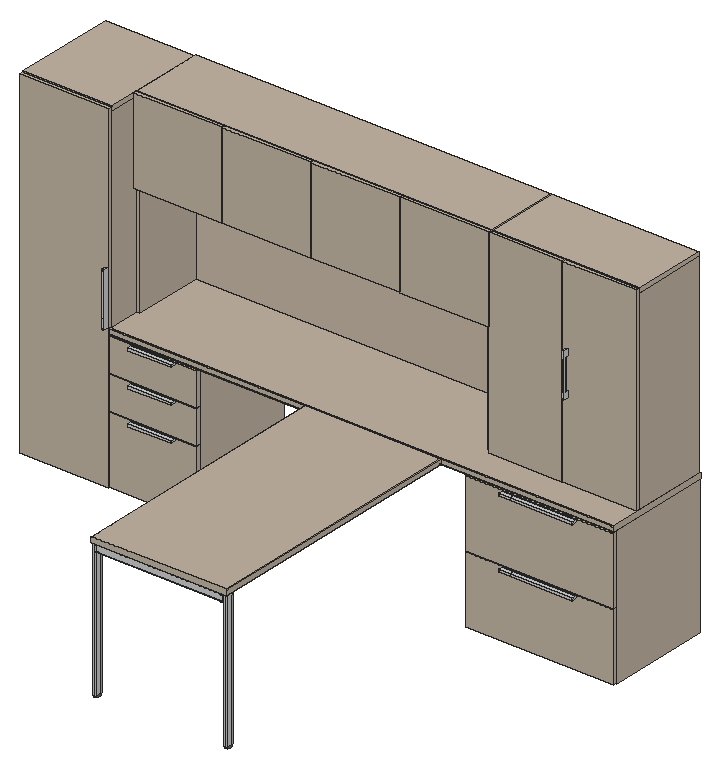
Revit family "FLT019", category Furniture, Revit 2019 (continued)
Definition of nested family "JSI-Flux-Crednz_Ped"
  Dimensions and locks (in)
    aligned and locked: Extrusion 16 sketch curve to plane 47
    aligned and locked: Extrusion 16 sketch curve to plane 48
    aligned and locked: plane 41 to Extrusion 16
    aligned and locked: Extrusion 16 to plane 44
    aligned and locked: Extrusion 17 sketch curve to plane 47
    aligned and locked: Extrusion 17 sketch curve to plane 12
    aligned and locked: Extrusion 17 sketch curve to plane 8
    aligned and locked: Extrusion 17 sketch curve to plane 48
    aligned and locked: plane 43 to Extrusion 17
    aligned and locked: Extrusion 17 to plane 42
    aligned and locked: Extrusion 18 sketch curve to plane 4
    aligned and locked: Extrusion 18 sketch curve to plane 52
    aligned and locked: Extrusion 18 sketch curve to plane 53
    aligned and locked: Extrusion 19 sketch curve to plane 54
    aligned and locked: Extrusion 19 sketch curve to plane 55
    aligned and locked: Extrusion 19 sketch curve to plane 6
    aligned and locked: plane 50 to Extrusion 18
    aligned and locked: plane 50 to Extrusion 19
    aligned and locked: Extrusion 18 to plane 49
    aligned and locked: Extrusion 19 to plane 49
    aligned and locked: Extrusion 18 sketch curve to plane 46
    aligned and locked: Extrusion 19 sketch curve to plane 45
    aligned and locked: Extrusion 20 sketch curve to plane 45
    aligned and locked: Extrusion 20 sketch curve to plane 46
    aligned and locked: Extrusion 20 sketch curve to plane 56
    aligned and locked: Extrusion 20 sketch curve to plane 57
    aligned and locked: plane 13 to Extrusion 20
    aligned and locked: Extrusion 20 to plane 43
    aligned and locked: Extrusion 21 sketch curve to plane 45
    aligned and locked: Extrusion 21 sketch curve to plane 46
    aligned and locked: Extrusion 21 sketch curve to plane 59
    aligned and locked: Extrusion 21 sketch curve to plane 58
    aligned and locked: plane 13 to Extrusion 21
    aligned and locked: nested 1 to plane 60
    aligned and locked: nested 2 to plane 61
    aligned and locked: plane 8 to nested 1
    aligned and locked: plane 8 to nested 2
    aligned and locked: nested 3 to plane 62
    aligned and locked: plane 8 to nested 3
    aligned and locked: nested 4 to plane 63
    aligned and locked: plane 8 to nested 4
    aligned and locked: plane 64 to nested 1
    aligned and locked: plane 64 to nested 2
    aligned and locked: plane 65 to nested 3
    aligned and locked: plane 66 to nested 4
    aligned and locked: Extrusion 21 to plane 1
    aligned and locked: curve 1 to plane 4
    aligned and locked: curve 4 to plane 12
    aligned and locked: plane 47 to curve 5
    aligned and locked: plane 12 to curve 5
    aligned and locked: plane 8 to curve 5
    aligned and locked: plane 48 to curve 6
    aligned and locked: plane 12 to curve 6
    aligned and locked: plane 8 to curve 6
    aligned and locked: Extrusion 21 to plane 58
    aligned and locked: plane 11 to nested 5
    aligned and locked: curve 12 to plane 39
    aligned and locked: curve 13 to plane 40
    aligned and locked: curve 14 to plane 10
    aligned and locked: curve 15 to plane 12
    aligned and locked: curve 2 to plane 3 "Center (Front/Back)"
    aligned and locked: plane 14 to plane 22
    aligned and locked: plane 13 to Extrusion 3
    aligned and locked: Extrusion 4 sketch curve to plane 10
    aligned and locked: Extrusion 13 sketch curve to plane 10
    aligned and locked: plane 10 to Extrusion 22 sketch curve
    aligned and locked: plane 67 to Extrusion 22 sketch curve
    aligned and locked: plane 68 to Extrusion 22 sketch curve
    aligned and locked: plane 13 to Extrusion 22 sketch curve
    aligned and locked: Extrusion 22 to plane 5
    aligned and locked: plane 7 to Extrusion 22
    aligned and locked: Extrusion 23 sketch curve to plane 17
    aligned and locked: Extrusion 23 sketch curve to plane 71
    aligned and locked: Extrusion 23 to plane 9
    aligned and locked: plane 31 to Extrusion 23
    aligned and locked: Extrusion 23 sketch curve to plane 69
    aligned and locked: Extrusion 23 sketch curve to plane 70
    aligned and locked: plane 8 to nested 5
    aligned and locked: plane 2 "Center (Left/Right)" to plane 4
  Automatic sketch dimensions
    plane 31 to Extrusion 9 sketch curve = 0' - 0"
    Extrusion 9 sketch curve to plane 33 = 0' - 0"
    plane 31 to Extrusion 10 sketch curve = 0' - 0"
    Extrusion 10 sketch curve to plane 34 = 0' - 0"
    plane 32 to Extrusion 11 sketch curve = 0' - 0"
    Extrusion 11 sketch curve to plane 33 = 0' - 0"
    plane 32 to Extrusion 12 sketch curve = 0' - 0"
    Extrusion 12 sketch curve to plane 34 = 0' - 0"
    plane 37 to Extrusion 14 sketch curve = 0' - 1"  (x2)
    Extrusion 14 sketch curve to plane 38 = 0' - 1"  (x2)
    curve 2 to plane 6 = 0' - 0"
    plane 16 to Extrusion 3 sketch curve = 2' - 1 3/4"
    plane 17 to Extrusion 23 sketch curve = 0' - 1"
    Extrusion 23 sketch curve to Extrusion 23 sketch curve = 0' - 0"  (x2)
    Extrusion 23 sketch curve to plane 70 = 0' - 1"
  Nested families (in)
    nested 1: "Bar Pull CL" at (-21.19689, -11.25, 27.6875), visible <- "T_L_Pull", Pull Line <- "T_L_Pull", Pull Finish <- "Pull Finish", type "PL"
      with Pull Line no, Pull Finish none
    nested 2: "Bar Pull CL" at (-11.91564, -11.25, 27.6875), visible <- "T_R_Pull", Pull Line <- "T_R_Pull", Pull Finish <- "Pull Finish", type "PL"
      with Pull Line no, Pull Finish none
    nested 3: "Bar Pull CL" at (5.86561, -11.25, 20.79688), visible <- "C_Pull", Pull Line <- "C_Pull", Pull Finish <- "Pull Finish", type "PL"
      with Pull Line no, Pull Finish none
    nested 4: "Bar Pull CL_Long" at (-16.55626, -11.25, 13.90625), visible <- "BT_Pull", Pull Finish <- "Pull Finish", Pull Lines <- "BT_Pull_Line", type "PL"
      with Pull Lines no, Pull Finish none, Stud 0' - 1.26339", Long Pull Width 0' - 8 27/32"
    nested 5: "Label 1-16" at (-13.31413, -11.25, 0), type "DRWCFG"
  Definition of nested family "Bar Pull CL"
    Parameters
      Stud = Pull Width / 7  # 0' - 1.26339"
      Pull Width = 0' - 8 27/32"
      Pull Line [instance] = yes
      Pull Finish [instance] = none
    Reference planes (in)
      plane 1 "Center Front/Back": y = 0
      plane 2: z = 0
      plane 3 "Center Left/Right": x = 3.24213
    Forms (in)
      Extrusion 1, solid, material <- "Pull Finish"
        sketch origin (0, 0, 0) x (1, 0, 0) y (0, 1, 0)
          loop
            line (-1.17975, 0) -> (-1.17975, -0.85113)
            arc (-1.17975, -0.85113) -> (-1.15229, -0.91742) -> (-1.086, -0.94488) r 0.09375
            line (-1.086, -0.94488) -> (7.58526, -0.94488)
            arc (7.58526, -0.94488) -> (7.64094, -0.92182) -> (7.664, -0.86614) r 0.07874
            line (7.664, -0.86614) -> (7.664, 0) -> (6.40061, 0) -> (6.40061, -0.70177)
            arc (6.40061, -0.70177) -> (6.364, -0.79016) -> (6.27561, -0.82677) r 0.125
            line (6.27561, -0.82677) -> (0.20864, -0.82677)
            arc (0.20864, -0.82677) -> (0.12026, -0.79016) -> (0.08364, -0.70177) r 0.125
            line (0.08364, -0.70177) -> (0.08364, 0) -> (-1.17975, 0)
        from -0.43307 to -0.11811
      Extrusion 2, solid, material <- "Pull Finish"
        sketch origin (0, 0, 0) x (1, 0, 0) y (0, 1, 0)
          loop
            line (-1.17975, 0) -> (-1.17975, -0.85113)
            arc (-1.17975, -0.85113) -> (-1.15229, -0.91742) -> (-1.086, -0.94488) r 0.09375
            line (-1.086, -0.94488) -> (7.58526, -0.94488)
            arc (7.58526, -0.94488) -> (7.64094, -0.92182) -> (7.664, -0.86614) r 0.07874
            line (7.664, -0.86614) -> (7.664, 0) -> (-1.17975, 0)
        from 0 to -0.11811
    Cuts and joins
      joined: Extrusion 1, Extrusion 2
    Lines and regions (in)
      symbolic lines, visible <- "Pull Line"
        curve 1: line (-1.17975, 0, 0) -> (-1.17975, -0.85113, 0)
        curve 2: line (7.664, -0.86614, 0) -> (7.664, 0, 0)
        curve 3: line (-1.086, -0.94488, 0) -> (7.58526, -0.94488, 0)
        curve 4: arc (-1.17975, -0.85113, 0) -> (-1.15229, -0.91742, 0) -> (-1.086, -0.94488, 0) r 0.09375
        curve 5: arc (7.58526, -0.94488, 0) -> (7.64094, -0.92182, 0) -> (7.664, -0.86614, 0) r 0.07874
    Dimensions and locks (in)
      equal spacing: Extrusion 1 sketch curve, plane 3 "Center Left/Right", Extrusion 1 sketch curve
      "Stud": Extrusion 1 sketch curve to Extrusion 1 sketch curve  (x2)
      "Pull Width": Extrusion 1 sketch curve to Extrusion 1 sketch curve
      aligned and locked: level to plane 2
      aligned and locked: Extrusion 2 sketch curve to Extrusion 1  (x2)
      aligned and locked: cut or joined group of Extrusion 1, Extrusion 2 to curve 1
      aligned and locked: curve 4 to cut or joined group of Extrusion 1, Extrusion 2
      aligned and locked: curve 5 to cut or joined group of Extrusion 1, Extrusion 2
      aligned and locked: plane 1 "Center Front/Back" to curve 1
      aligned and locked: plane 1 "Center Front/Back" to curve 2
    Automatic sketch dimensions
      plane 1 "Center Front/Back" to Extrusion 2 sketch curve = 0' - 0"
      plane 1 "Center Front/Back" to Extrusion 1 sketch curve = 0' - 0"  (x2)
      Extrusion 1 sketch curve to Extrusion 1 sketch curve = 0' - 0 3/32"
      Extrusion 1 sketch curve to Extrusion 1 sketch curve = 0' - 0 1/8"  (x2)
      Extrusion 1 sketch curve to Extrusion 1 sketch curve = 0' - 0.07874"
      plane 1 "Center Front/Back" to Extrusion 1 sketch curve = 0' - 0.70177"
      plane 1 "Center Front/Back" to Extrusion 1 sketch curve = 0' - 0.85113"
  Definition of nested family "Bar Pull CL_Long"
    Parameters
      Stud = Long Pull Width / 7  # 0' - 2.12261"
      Pull Lines [instance] = yes
      Long Pull Width = 1' - 2.85827"
      Pull Finish [instance] = none
    Reference planes (in)
      plane 1 "Center Front/Back": y = 0
      plane 2: z = 0
      plane 3 "Center Left/Right": x = 3.24213
    Forms (in)
      Extrusion 1, solid, material <- "Pull Finish"
        sketch origin (0, 0, 0) x (1, 0, 0) y (0, 1, 0)
          loop
            line (-4.18701, 0) -> (-4.18701, -0.85113)
            arc (-4.18701, -0.85113) -> (-4.15955, -0.91742) -> (-4.09326, -0.94488) r 0.09375
            line (-4.09326, -0.94488) -> (10.59252, -0.94488)
            arc (10.59252, -0.94488) -> (10.6482, -0.92182) -> (10.67126, -0.86614) r 0.07874
            line (10.67126, -0.86614) -> (10.67126, 0) -> (8.54865, 0) -> (8.54865, -0.70177)
            arc (8.54865, -0.70177) -> (8.51204, -0.79016) -> (8.42365, -0.82677) r 0.125
            line (8.42365, -0.82677) -> (-1.9394, -0.82677)
            arc (-1.9394, -0.82677) -> (-2.02779, -0.79016) -> (-2.0644, -0.70177) r 0.125
            line (-2.0644, -0.70177) -> (-2.0644, 0) -> (-4.18701, 0)
        from -0.43307 to -0.11811
      Extrusion 2, solid, material <- "Pull Finish"
        sketch origin (0, 0, 0) x (1, 0, 0) y (0, 1, 0)
          loop
            line (-4.18701, 0) -> (-4.18701, -0.85113)
            arc (-4.18701, -0.85113) -> (-4.15955, -0.91742) -> (-4.09326, -0.94488) r 0.09375
            line (-4.09326, -0.94488) -> (10.59252, -0.94488)
            arc (10.59252, -0.94488) -> (10.6482, -0.92182) -> (10.67126, -0.86614) r 0.07874
            line (10.67126, -0.86614) -> (10.67126, 0) -> (-4.18701, 0)
        from 0 to -0.11811
    Cuts and joins
      joined: Extrusion 1, Extrusion 2
    Lines and regions (in)
      symbolic lines, visible <- "Pull Lines"
        curve 1: line (-4.18701, 0, 0) -> (-4.18701, -0.85113, 0)
        curve 2: line (-4.09326, -0.94488, 0) -> (10.59252, -0.94488, 0)
        curve 3: line (10.67126, -0.86614, 0) -> (10.67126, 0, 0)
        curve 4: arc (10.59252, -0.94488, 0) -> (10.6482, -0.92182, 0) -> (10.67126, -0.86614, 0) r 0.07874
        curve 5: arc (-4.18701, -0.85113, 0) -> (-4.15955, -0.91742, 0) -> (-4.09326, -0.94488, 0) r 0.09375
    Dimensions and locks (in)
      equal spacing: Extrusion 1 sketch curve, plane 3 "Center Left/Right", Extrusion 1 sketch curve
      "Stud": Extrusion 1 sketch curve to Extrusion 1 sketch curve  (x2)
      "Long Pull Width": Extrusion 1 sketch curve to Extrusion 1 sketch curve
      aligned and locked: level to plane 2
      aligned and locked: Extrusion 2 sketch curve to Extrusion 1  (x2)
      aligned and locked: cut or joined group of Extrusion 1, Extrusion 2 to curve 1
      aligned and locked: curve 4 to cut or joined group of Extrusion 1, Extrusion 2
      aligned and locked: curve 5 to cut or joined group of Extrusion 1, Extrusion 2
      aligned and locked: plane 1 "Center Front/Back" to curve 1
      aligned and locked: plane 1 "Center Front/Back" to curve 3
    Automatic sketch dimensions
      plane 1 "Center Front/Back" to Extrusion 2 sketch curve = 0' - 0"
      plane 1 "Center Front/Back" to Extrusion 1 sketch curve = 0' - 0"  (x2)
      Extrusion 1 sketch curve to Extrusion 1 sketch curve = 0' - 0 3/32"
      Extrusion 1 sketch curve to Extrusion 1 sketch curve = 0' - 0 1/8"  (x2)
      Extrusion 1 sketch curve to Extrusion 1 sketch curve = 0' - 0.07874"
      plane 1 "Center Front/Back" to Extrusion 1 sketch curve = 0' - 0.70177"
      Extrusion 1 sketch curve to Extrusion 1 sketch curve = 0' - 0.85113"
  Definition of nested family "Label 1-16"
    Parameters
      Model Name = "LOW DOOR"
    Reference planes (in)
      plane 1: y = 0
      plane 2: x = 0
    Text (in)
      label "XX" at (0.00051, -0.12324, 0), shows "Model Name"
Definition of nested family "JSI-Flux-Modular_Top"
  Parameters (values of type "Type Catalog Family - Credenza Top")
    Worksurface = none
    Width = 1' - 6"
    URL = "www.jsifurniture.com"
    Type Comments = ""
    Series = "FLUX"  # constant formula
    Model = "FLT2118MCT"
    Material = ""
    Manufacturer = "JSI"  # constant formula
    Keynote = "12500"
    JSI Enviromental Website = "http://www.jsifurniture.com/jsi_sustainability_intro.php"
    Height = 2' - 5"
    Description = "Credenza Top, Depth 22”, Width 18”, Laminate"
    Depth = 1' - 10"
    Assembly Code = "E2020200"
  Reference planes (in)
    plane 1: z = 0
    plane 2 "Center (Left/Right)": x = -36.06413
    plane 3: z = 29
    plane 4: z = 27.8125
    plane 5: y = -11.25
    plane 6 "Center (Front/Back)": y = 10.75
    plane 7: x = -18.06413
    plane 8: z = 0.3125
    plane 9: x = -18.12663
  Forms (in)
    Extrusion 1, solid, material <- "Worksurface"
      sketch origin (0, 0, 0) x (0, 1, 0) y (0, 0, 1)
        loop
          arc (10.625, 27.8125) -> (10.71339, 27.84911) -> (10.75, 27.9375) r 0.125
          line (10.75, 27.9375) -> (10.75, 28.875)
          arc (10.75, 28.875) -> (10.71339, 28.96339) -> (10.625, 29) r 0.125
          line (10.625, 29) -> (-11.125, 29)
          arc (-11.125, 29) -> (-11.21339, 28.96339) -> (-11.25, 28.875) r 0.125
          line (-11.25, 28.875) -> (-11.25, 27.9375)
          arc (-11.25, 27.9375) -> (-11.21339, 27.84911) -> (-11.125, 27.8125) r 0.125
          line (-11.125, 27.8125) -> (10.625, 27.8125)
      from -36.06413 to -18.06413
  Lines and regions (in)
    symbolic lines
      curve 1: line (-36.06413, 10.75, 0) -> (-18.06413, 10.75, 0)
      curve 2: line (-36.06413, -11.25, 0) -> (-36.06413, 10.75, 0)
      curve 3: line (-18.06413, -11.25, 0) -> (-36.06413, -11.25, 0)
      curve 4: line (-18.06413, 10.75, 0) -> (-18.06413, -11.25, 0)
    symbolic lines, detail levels medium+fine
      curve 5: line (-18.09489, 10.625, 0) -> (-18.09489, 9.875, 0)
  Dimensions and locks (in)
    "Height": plane 3 to level
    locked: plane 3 to plane 4 at 1.1875
    "Width": plane 2 "Center (Left/Right)" to plane 7
    locked: plane 8 to level at 0.3125
    plane 9 to plane 7 = 0' - 0 1/16"
    plane 2 "Center (Left/Right)" to plane 7 = 1' - 6"
    "Depth": plane 5 to plane 6 "Center (Front/Back)"
    aligned and locked: level to plane 1
    aligned and locked: plane 2 "Center (Left/Right)" to curve 2
    aligned and locked: plane 6 "Center (Front/Back)" to curve 1
    aligned and locked: plane 7 to curve 4
    aligned and locked: Extrusion 1 sketch curve to plane 6 "Center (Front/Back)"
    aligned and locked: Extrusion 1 sketch curve to plane 4
    aligned and locked: plane 3 to Extrusion 1 sketch curve
    aligned and locked: Extrusion 1 sketch curve to plane 5
    aligned and locked: Extrusion 1 to plane 2 "Center (Left/Right)"
    aligned and locked: Extrusion 1 to plane 7
  Automatic sketch dimensions
    plane 5 to Extrusion 1 sketch curve = 0' - 0 1/8"  (x2)
    plane 6 "Center (Front/Back)" to Extrusion 1 sketch curve = 0' - 0 1/8"  (x2)
    curve 3 to plane 5 = 0' - 0"
    plane 6 "Center (Front/Back)" to curve 5 = 0' - 0 7/8"
    plane 7 to curve 5 = 0' - 0.03076"
    plane 6 "Center (Front/Back)" to curve 5 = 0' - 0 1/8"
